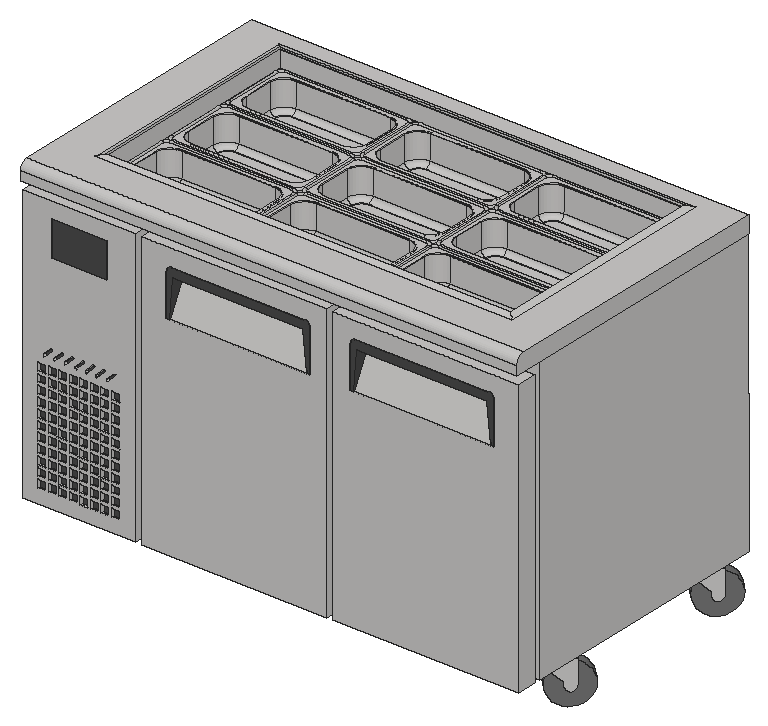
Revit family "QF_Turbo Air_JBT-48", category Specialty Equipment, Revit 2012
Parameters
  Weight in Pounds = 200
  Watermarked By = "http://revitwatermark.com"
  Volts = 115 V
  URL Cutsheet = ""
  URL = "www.turboairinc.com"
  Status [instance] = ""
  Specification by User [instance] = ""
  Specification by Manufacturer [instance] = ""
  Serial Number [instance] = ""
  Revision Code [instance] = ""
  Phase = 1
  Optional Sneeze Guard [instance] = no
  Number of Poles [instance] = 1
  NAFEM Spec ID Number [instance] = ""
  Model = "JBT-48"
  Masterspec [instance] = ""
  Manufacturer = "Turbo Air"  # constant formula
  Legs [instance] = [6 inch Legs]  # no
  Item Number [instance] = "-"
  Installed By [instance] = ""
  HP = "1/4"
  Furnished By [instance] = ""
  Foodservice Equipment Identifier = yes
  FL Amps = 6.6 A
  Electrical Remarks [instance] = ""
  Electric Connection Type [instance] = ""
  Elec Conn RI Height [instance] = 0' - 0"
  Elec Conn Connection Height = 1' - 0"
  Description = "Buffet Display Table"
  Cycle = 60 Hz
  Conn Plug = "NEMA 5-15P"
  Casters [instance] = not(Legs)  # yes
  CasterLeg Height [instance] = if([4 inch Casters], 0' 5", if([5 inch Casters], 0' 5 3/4", if([2_5 inch Casters], 0' 3 3/8", 0' 6")))  # 0' - 5"
  CSI MasterFormat = "11 41 13"
  Assembly Code = "E1090320"
  Apparent Power = if(Phase = 3, Volts * FL Amps * 1.73, Volts * FL Amps)  # 759 VA
  6 inch Legs [instance] = no
  5 inch Casters [instance] = no
  4 inch Casters [instance] = yes
  2_5 inch Casters [instance] = no
Reference planes (in)
  plane 1 "BACK": y = 0
  plane 2: z = 0
  plane 3 "LEFT": x = -20.72594
  plane 4 "Bottom": z = 5
  plane 5 "RIGHT": x = 26.52406
  plane 6 "Door Clearance": y = -43.375
  plane 7 "Back of Door": y = -25.4375
  plane 8 "Front of Box": y = -24.75
  plane 9 "Countertop Bottom": z = 32.125
  plane 10 "Top of Door": z = 31.25
  plane 11 "Front of Doors": y = -27.25
  plane 12 "Front of Ledge": y = -27.5
  plane 13 "Left of Door": x = 8.83656
  plane 14 "Right of Grill": x = -9.97594
  plane 15 "Countertop": z = 33.75
  plane 16 "Trim Left": x = -16.91344
  plane 17 "Opening Left": x = -16.35094
  plane 18 "Trim Right": x = 22.71156
  plane 19 "Opening Right": x = 22.14906
  plane 20 "Trim Back": y = -1.5
  plane 21 "Opening Back": y = -2.0625
  plane 22 "Trim Front": y = -23.375
  plane 23 "Opening Front": y = -22.8125
  plane 24: x = 8.27406
  plane 25: x = -9.41344
Forms (in)
  Extrusion 1, solid, material "QF_Finishes_Black"
    sketch origin (0, -24.75, 0) x (1, 0, 0) y (0, 0, 1)
      loop
        line (25.52406, 6) -> (25.52406, 30.25) -> (9.83656, 30.25) -> (9.83656, 6) -> (25.52406, 6)
      loop
        line (7.27406, 6) -> (7.27406, 30.25) -> (-8.41344, 30.25) -> (-8.41344, 6) -> (7.27406, 6)
    from 0 to 0.6875
  Extrusion 2, solid, material "QF_Finishes_Stainless Steel"
    sketch origin (0, 0, 0) x (1, 0, 0) y (0, 0, 1)
      loop
        circle (-15.35094, 11.125) r 0.25
    from 0 to -0.0625
  Extrusion 3, solid, material "QF_Finishes_Stainless Steel"
    sketch origin (0, -24.75, 0) x (1, 0, 0) y (0, 0, 1)
      loop
        line (-20.72594, 31.25) -> (-20.72594, 5) -> (-9.97594, 5) -> (-9.97594, 31.25) -> (-20.72594, 31.25)
      loop
        line (-11.47594, 7.125) -> (-12.22594, 7.125) -> (-12.22594, 6.375) -> (-11.47594, 6.375) -> (-11.47594, 7.125)
      loop
        line (-12.47594, 7.125) -> (-13.22594, 7.125) -> (-13.22594, 6.375) -> (-12.47594, 6.375) -> (-12.47594, 7.125)
      loop
        line (-13.47594, 7.125) -> (-14.22594, 7.125) -> (-14.22594, 6.375) -> (-13.47594, 6.375) -> (-13.47594, 7.125)
      loop
        line (-14.47594, 7.125) -> (-15.22594, 7.125) -> (-15.22594, 6.375) -> (-14.47594, 6.375) -> (-14.47594, 7.125)
      loop
        line (-15.47594, 7.125) -> (-16.22594, 7.125) -> (-16.22594, 6.375) -> (-15.47594, 6.375) -> (-15.47594, 7.125)
      loop
        line (-16.47594, 7.125) -> (-17.22594, 7.125) -> (-17.22594, 6.375) -> (-16.47594, 6.375) -> (-16.47594, 7.125)
      loop
        line (-17.47594, 7.125) -> (-18.22594, 7.125) -> (-18.22594, 6.375) -> (-17.47594, 6.375) -> (-17.47594, 7.125)
      loop
        line (-18.47594, 7.125) -> (-19.22594, 7.125) -> (-19.22594, 6.375) -> (-18.47594, 6.375) -> (-18.47594, 7.125)
      loop
        line (-11.47594, 8.125) -> (-12.22594, 8.125) -> (-12.22594, 7.375) -> (-11.47594, 7.375) -> (-11.47594, 8.125)
      loop
        line (-12.47594, 8.125) -> (-13.22594, 8.125) -> (-13.22594, 7.375) -> (-12.47594, 7.375) -> (-12.47594, 8.125)
      loop
        line (-13.47594, 8.125) -> (-14.22594, 8.125) -> (-14.22594, 7.375) -> (-13.47594, 7.375) -> (-13.47594, 8.125)
      loop
        line (-14.47594, 8.125) -> (-15.22594, 8.125) -> (-15.22594, 7.375) -> (-14.47594, 7.375) -> (-14.47594, 8.125)
      loop
        line (-15.47594, 8.125) -> (-16.22594, 8.125) -> (-16.22594, 7.375) -> (-15.47594, 7.375) -> (-15.47594, 8.125)
      loop
        line (-16.47594, 8.125) -> (-17.22594, 8.125) -> (-17.22594, 7.375) -> (-16.47594, 7.375) -> (-16.47594, 8.125)
      loop
        line (-17.47594, 8.125) -> (-18.22594, 8.125) -> (-18.22594, 7.375) -> (-17.47594, 7.375) -> (-17.47594, 8.125)
      loop
        line (-18.47594, 8.125) -> (-19.22594, 8.125) -> (-19.22594, 7.375) -> (-18.47594, 7.375) -> (-18.47594, 8.125)
      loop
        line (-11.47594, 9.125) -> (-12.22594, 9.125) -> (-12.22594, 8.375) -> (-11.47594, 8.375) -> (-11.47594, 9.125)
      loop
        line (-12.47594, 9.125) -> (-13.22594, 9.125) -> (-13.22594, 8.375) -> (-12.47594, 8.375) -> (-12.47594, 9.125)
      loop
        line (-13.47594, 9.125) -> (-14.22594, 9.125) -> (-14.22594, 8.375) -> (-13.47594, 8.375) -> (-13.47594, 9.125)
      loop
        line (-14.47594, 9.125) -> (-15.22594, 9.125) -> (-15.22594, 8.375) -> (-14.47594, 8.375) -> (-14.47594, 9.125)
      loop
        line (-15.47594, 9.125) -> (-16.22594, 9.125) -> (-16.22594, 8.375) -> (-15.47594, 8.375) -> (-15.47594, 9.125)
      loop
        line (-16.47594, 9.125) -> (-17.22594, 9.125) -> (-17.22594, 8.375) -> (-16.47594, 8.375) -> (-16.47594, 9.125)
      loop
        line (-17.47594, 9.125) -> (-18.22594, 9.125) -> (-18.22594, 8.375) -> (-17.47594, 8.375) -> (-17.47594, 9.125)
      loop
        line (-18.47594, 9.125) -> (-19.22594, 9.125) -> (-19.22594, 8.375) -> (-18.47594, 8.375) -> (-18.47594, 9.125)
      loop
        line (-11.47594, 10.125) -> (-12.22594, 10.125) -> (-12.22594, 9.375) -> (-11.47594, 9.375) -> (-11.47594, 10.125)
      loop
        line (-12.47594, 10.125) -> (-13.22594, 10.125) -> (-13.22594, 9.375) -> (-12.47594, 9.375) -> (-12.47594, 10.125)
      loop
        line (-13.47594, 10.125) -> (-14.22594, 10.125) -> (-14.22594, 9.375) -> (-13.47594, 9.375) -> (-13.47594, 10.125)
      loop
        line (-14.47594, 10.125) -> (-15.22594, 10.125) -> (-15.22594, 9.375) -> (-14.47594, 9.375) -> (-14.47594, 10.125)
      loop
        line (-15.47594, 10.125) -> (-16.22594, 10.125) -> (-16.22594, 9.375) -> (-15.47594, 9.375) -> (-15.47594, 10.125)
      loop
        line (-16.47594, 10.125) -> (-17.22594, 10.125) -> (-17.22594, 9.375) -> (-16.47594, 9.375) -> (-16.47594, 10.125)
      loop
        line (-17.47594, 10.125) -> (-18.22594, 10.125) -> (-18.22594, 9.375) -> (-17.47594, 9.375) -> (-17.47594, 10.125)
      loop
        line (-18.47594, 10.125) -> (-19.22594, 10.125) -> (-19.22594, 9.375) -> (-18.47594, 9.375) -> (-18.47594, 10.125)
      loop
        line (-11.47594, 11.125) -> (-12.22594, 11.125) -> (-12.22594, 10.375) -> (-11.47594, 10.375) -> (-11.47594, 11.125)
      loop
        line (-12.47594, 11.125) -> (-13.22594, 11.125) -> (-13.22594, 10.375) -> (-12.47594, 10.375) -> (-12.47594, 11.125)
      loop
        line (-13.47594, 11.125) -> (-14.22594, 11.125) -> (-14.22594, 10.375) -> (-13.47594, 10.375) -> (-13.47594, 11.125)
      loop
        line (-14.47594, 11.125) -> (-15.22594, 11.125) -> (-15.22594, 10.375) -> (-14.47594, 10.375) -> (-14.47594, 11.125)
      loop
        line (-15.47594, 11.125) -> (-16.22594, 11.125) -> (-16.22594, 10.375) -> (-15.47594, 10.375) -> (-15.47594, 11.125)
      loop
        line (-16.47594, 11.125) -> (-17.22594, 11.125) -> (-17.22594, 10.375) -> (-16.47594, 10.375) -> (-16.47594, 11.125)
      loop
        line (-17.47594, 11.125) -> (-18.22594, 11.125) -> (-18.22594, 10.375) -> (-17.47594, 10.375) -> (-17.47594, 11.125)
      loop
        line (-18.47594, 11.125) -> (-19.22594, 11.125) -> (-19.22594, 10.375) -> (-18.47594, 10.375) -> (-18.47594, 11.125)
      loop
        line (-11.47594, 12.125) -> (-12.22594, 12.125) -> (-12.22594, 11.375) -> (-11.47594, 11.375) -> (-11.47594, 12.125)
      loop
        line (-12.47594, 12.125) -> (-13.22594, 12.125) -> (-13.22594, 11.375) -> (-12.47594, 11.375) -> (-12.47594, 12.125)
      loop
        line (-13.47594, 12.125) -> (-14.22594, 12.125) -> (-14.22594, 11.375) -> (-13.47594, 11.375) -> (-13.47594, 12.125)
      loop
        line (-14.47594, 12.125) -> (-15.22594, 12.125) -> (-15.22594, 11.375) -> (-14.47594, 11.375) -> (-14.47594, 12.125)
      loop
        line (-15.47594, 12.125) -> (-16.22594, 12.125) -> (-16.22594, 11.375) -> (-15.47594, 11.375) -> (-15.47594, 12.125)
      loop
        line (-16.47594, 12.125) -> (-17.22594, 12.125) -> (-17.22594, 11.375) -> (-16.47594, 11.375) -> (-16.47594, 12.125)
      loop
        line (-17.47594, 12.125) -> (-18.22594, 12.125) -> (-18.22594, 11.375) -> (-17.47594, 11.375) -> (-17.47594, 12.125)
      loop
        line (-18.47594, 12.125) -> (-19.22594, 12.125) -> (-19.22594, 11.375) -> (-18.47594, 11.375) -> (-18.47594, 12.125)
      loop
        line (-11.47594, 13.125) -> (-12.22594, 13.125) -> (-12.22594, 12.375) -> (-11.47594, 12.375) -> (-11.47594, 13.125)
      loop
        line (-12.47594, 13.125) -> (-13.22594, 13.125) -> (-13.22594, 12.375) -> (-12.47594, 12.375) -> (-12.47594, 13.125)
      loop
        line (-13.47594, 13.125) -> (-14.22594, 13.125) -> (-14.22594, 12.375) -> (-13.47594, 12.375) -> (-13.47594, 13.125)
      loop
        line (-14.47594, 13.125) -> (-15.22594, 13.125) -> (-15.22594, 12.375) -> (-14.47594, 12.375) -> (-14.47594, 13.125)
      loop
        line (-15.47594, 13.125) -> (-16.22594, 13.125) -> (-16.22594, 12.375) -> (-15.47594, 12.375) -> (-15.47594, 13.125)
      loop
        line (-16.47594, 13.125) -> (-17.22594, 13.125) -> (-17.22594, 12.375) -> (-16.47594, 12.375) -> (-16.47594, 13.125)
      loop
        line (-17.47594, 13.125) -> (-18.22594, 13.125) -> (-18.22594, 12.375) -> (-17.47594, 12.375) -> (-17.47594, 13.125)
      loop
        line (-18.47594, 13.125) -> (-19.22594, 13.125) -> (-19.22594, 12.375) -> (-18.47594, 12.375) -> (-18.47594, 13.125)
      loop
        line (-11.47594, 14.125) -> (-12.22594, 14.125) -> (-12.22594, 13.375) -> (-11.47594, 13.375) -> (-11.47594, 14.125)
      loop
        line (-12.47594, 14.125) -> (-13.22594, 14.125) -> (-13.22594, 13.375) -> (-12.47594, 13.375) -> (-12.47594, 14.125)
      loop
        line (-13.47594, 14.125) -> (-14.22594, 14.125) -> (-14.22594, 13.375) -> (-13.47594, 13.375) -> (-13.47594, 14.125)
      loop
        line (-14.47594, 14.125) -> (-15.22594, 14.125) -> (-15.22594, 13.375) -> (-14.47594, 13.375) -> (-14.47594, 14.125)
      loop
        line (-15.47594, 14.125) -> (-16.22594, 14.125) -> (-16.22594, 13.375) -> (-15.47594, 13.375) -> (-15.47594, 14.125)
      loop
        line (-16.47594, 14.125) -> (-17.22594, 14.125) -> (-17.22594, 13.375) -> (-16.47594, 13.375) -> (-16.47594, 14.125)
      loop
        line (-17.47594, 14.125) -> (-18.22594, 14.125) -> (-18.22594, 13.375) -> (-17.47594, 13.375) -> (-17.47594, 14.125)
      loop
        line (-18.47594, 14.125) -> (-19.22594, 14.125) -> (-19.22594, 13.375) -> (-18.47594, 13.375) -> (-18.47594, 14.125)
      loop
        line (-11.47594, 15.125) -> (-12.22594, 15.125) -> (-12.22594, 14.375) -> (-11.47594, 14.375) -> (-11.47594, 15.125)
      loop
        line (-12.47594, 15.125) -> (-13.22594, 15.125) -> (-13.22594, 14.375) -> (-12.47594, 14.375) -> (-12.47594, 15.125)
      loop
        line (-13.47594, 15.125) -> (-14.22594, 15.125) -> (-14.22594, 14.375) -> (-13.47594, 14.375) -> (-13.47594, 15.125)
      loop
        line (-14.47594, 15.125) -> (-15.22594, 15.125) -> (-15.22594, 14.375) -> (-14.47594, 14.375) -> (-14.47594, 15.125)
      loop
        line (-15.47594, 15.125) -> (-16.22594, 15.125) -> (-16.22594, 14.375) -> (-15.47594, 14.375) -> (-15.47594, 15.125)
      loop
        line (-16.47594, 15.125) -> (-17.22594, 15.125) -> (-17.22594, 14.375) -> (-16.47594, 14.375) -> (-16.47594, 15.125)
      loop
        line (-17.47594, 15.125) -> (-18.22594, 15.125) -> (-18.22594, 14.375) -> (-17.47594, 14.375) -> (-17.47594, 15.125)
      loop
        line (-18.47594, 15.125) -> (-19.22594, 15.125) -> (-19.22594, 14.375) -> (-18.47594, 14.375) -> (-18.47594, 15.125)
      loop
        line (-11.47594, 16.125) -> (-12.22594, 16.125) -> (-12.22594, 15.375) -> (-11.47594, 15.375) -> (-11.47594, 16.125)
      loop
        line (-12.47594, 16.125) -> (-13.22594, 16.125) -> (-13.22594, 15.375) -> (-12.47594, 15.375) -> (-12.47594, 16.125)
      loop
        line (-13.47594, 16.125) -> (-14.22594, 16.125) -> (-14.22594, 15.375) -> (-13.47594, 15.375) -> (-13.47594, 16.125)
      loop
        line (-14.47594, 16.125) -> (-15.22594, 16.125) -> (-15.22594, 15.375) -> (-14.47594, 15.375) -> (-14.47594, 16.125)
      loop
        line (-15.47594, 16.125) -> (-16.22594, 16.125) -> (-16.22594, 15.375) -> (-15.47594, 15.375) -> (-15.47594, 16.125)
      loop
        line (-16.47594, 16.125) -> (-17.22594, 16.125) -> (-17.22594, 15.375) -> (-16.47594, 15.375) -> (-16.47594, 16.125)
      loop
        line (-17.47594, 16.125) -> (-18.22594, 16.125) -> (-18.22594, 15.375) -> (-17.47594, 15.375) -> (-17.47594, 16.125)
      loop
        line (-18.47594, 16.125) -> (-19.22594, 16.125) -> (-19.22594, 15.375) -> (-18.47594, 15.375) -> (-18.47594, 16.125)
      loop
        line (-11.47594, 17.125) -> (-12.22594, 17.125) -> (-12.22594, 16.375) -> (-11.47594, 16.375) -> (-11.47594, 17.125)
      loop
        line (-12.47594, 17.125) -> (-13.22594, 17.125) -> (-13.22594, 16.375) -> (-12.47594, 16.375) -> (-12.47594, 17.125)
      loop
        line (-13.47594, 17.125) -> (-14.22594, 17.125) -> (-14.22594, 16.375) -> (-13.47594, 16.375) -> (-13.47594, 17.125)
      loop
        line (-14.47594, 17.125) -> (-15.22594, 17.125) -> (-15.22594, 16.375) -> (-14.47594, 16.375) -> (-14.47594, 17.125)
      loop
        line (-15.47594, 17.125) -> (-16.22594, 17.125) -> (-16.22594, 16.375) -> (-15.47594, 16.375) -> (-15.47594, 17.125)
      loop
        line (-16.47594, 17.125) -> (-17.22594, 17.125) -> (-17.22594, 16.375) -> (-16.47594, 16.375) -> (-16.47594, 17.125)
      loop
        line (-17.47594, 17.125) -> (-18.22594, 17.125) -> (-18.22594, 16.375) -> (-17.47594, 16.375) -> (-17.47594, 17.125)
      loop
        line (-18.47594, 17.125) -> (-19.22594, 17.125) -> (-19.22594, 16.375) -> (-18.47594, 16.375) -> (-18.47594, 17.125)
      loop
        arc (-14.68933, 17.96339) -> (-14.68933, 17.78661) -> (-14.51255, 17.78661) r 0.125
        line (-14.51255, 17.78661) -> (-13.80544, 18.49372)
        arc (-13.80544, 18.49372) -> (-13.80544, 18.6705) -> (-13.98222, 18.6705) r 0.125
        line (-13.98222, 18.6705) -> (-14.68933, 17.96339)
      loop
        arc (-13.68933, 17.96339) -> (-13.68933, 17.78661) -> (-13.51255, 17.78661) r 0.125
        line (-13.51255, 17.78661) -> (-12.80544, 18.49372)
        arc (-12.80544, 18.49372) -> (-12.80544, 18.6705) -> (-12.98222, 18.6705) r 0.125
        line (-12.98222, 18.6705) -> (-13.68933, 17.96339)
      loop
        arc (-12.68933, 17.96339) -> (-12.68933, 17.78661) -> (-12.51255, 17.78661) r 0.125
        line (-12.51255, 17.78661) -> (-11.80544, 18.49372)
        arc (-11.80544, 18.49372) -> (-11.80544, 18.6705) -> (-11.98222, 18.6705) r 0.125
        line (-11.98222, 18.6705) -> (-12.68933, 17.96339)
      loop
        arc (-17.68933, 17.96339) -> (-17.68933, 17.78661) -> (-17.51255, 17.78661) r 0.125
        line (-17.51255, 17.78661) -> (-16.80544, 18.49372)
        arc (-16.80544, 18.49372) -> (-16.80544, 18.6705) -> (-16.98222, 18.6705) r 0.125
        line (-16.98222, 18.6705) -> (-17.68933, 17.96339)
      loop
        arc (-16.68933, 17.96339) -> (-16.68933, 17.78661) -> (-16.51255, 17.78661) r 0.125
        line (-16.51255, 17.78661) -> (-15.80544, 18.49372)
        arc (-15.80544, 18.49372) -> (-15.80544, 18.6705) -> (-15.98222, 18.6705) r 0.125
        line (-15.98222, 18.6705) -> (-16.68933, 17.96339)
      loop
        arc (-15.68933, 17.96339) -> (-15.68933, 17.78661) -> (-15.51255, 17.78661) r 0.125
        line (-15.51255, 17.78661) -> (-14.80544, 18.49372)
        arc (-14.80544, 18.49372) -> (-14.80544, 18.6705) -> (-14.98222, 18.6705) r 0.125
        line (-14.98222, 18.6705) -> (-15.68933, 17.96339)
      loop
        arc (-18.68933, 17.96339) -> (-18.68933, 17.78661) -> (-18.51255, 17.78661) r 0.125
        line (-18.51255, 17.78661) -> (-17.80544, 18.49372)
        arc (-17.80544, 18.49372) -> (-17.80544, 18.6705) -> (-17.98222, 18.6705) r 0.125
        line (-17.98222, 18.6705) -> (-18.68933, 17.96339)
      loop
        line (-12.72594, 29.75) -> (-17.97594, 29.75) -> (-17.97594, 26.375) -> (-12.72594, 26.375) -> (-12.72594, 29.75)
    from 0 to 2.5
  Extrusion 4, solid, material "QF_Finishes_Black"
    sketch origin (0, -24.75, 0) x (1, 0, 0) y (0, 0, 1)
      loop
        line (-19.72594, 5.875) -> (-10.97594, 5.875) -> (-10.97594, 19.125) -> (-19.72594, 19.125) -> (-19.72594, 5.875)
    from 0 to 2.25
  Extrusion 5, solid, material "QF_Finishes_Black"
    sketch origin (0, -24.75, 0) x (1, 0, 0) y (0, 0, 1)
      loop
        line (-17.97594, 29.75) -> (-17.97594, 26.375) -> (-12.72594, 26.375) -> (-12.72594, 29.75) -> (-17.97594, 29.75)
    from 0 to 2.5
  Extrusion 6, solid, material "QF_Finishes_Stainless Steel"
    sketch origin (-20.72594, 0, 0) x (0, 1, 0) y (0, 0, 1)
      loop
        line (0, 33.75) -> (-26.6875, 33.75)
        arc (-26.6875, 33.75) -> (-27.26202, 33.51202) -> (-27.5, 32.9375) r 0.8125
        line (-27.5, 32.9375) -> (-27.5, 32.125) -> (0, 32.125) -> (0, 33.75)
    from 0 to 47.25
  Blend 7, solid, material "QF_Finishes_Polished Steel"
    base sketch origin (0, 0, 33.75) x (0, 1, 0) y (-1, 0, 0)
      loop
        line (-1.5, 16.91344) -> (-23.375, 16.91344) -> (-23.375, -22.71156) -> (-1.5, -22.71156) -> (-1.5, 16.91344)
    top sketch origin (0, 0, 33.75) x (0, 1, 0) y (-1, 0, 0)
      loop
        line (-2.0625, 16.35094) -> (-22.8125, 16.35094) -> (-22.8125, -22.14906) -> (-2.0625, -22.14906) -> (-2.0625, 16.35094)
    from 0 to 0.1875
  Extrusion 8, void
    sketch origin (0, 0, 5) x (0, 1, 0) y (-1, 0, 0)
      loop
        line (-2.0625, 16.35094) -> (-22.8125, 16.35094) -> (-22.8125, -22.14906) -> (-2.0625, -22.14906) -> (-2.0625, 16.35094)
    from 0.1875 to 28.9375
  Extrusion 9, solid, material "QF_Finishes_Stainless Steel"
    sketch origin (0, 0, 5) x (0, 1, 0) y (-1, 0, 0)
      loop
        line (0, 20.72594) -> (-24.75, 20.72594) -> (-24.75, -26.52406) -> (0, -26.52406) -> (0, 20.72594)
      loop
        line (-2.0625, 16.35094) -> (-22.8125, 16.35094) -> (-22.8125, -22.14906) -> (-2.0625, -22.14906) -> (-2.0625, 16.35094)
    from 0 to 27.125
  Extrusion 10, solid, material "QF_Finishes_Stainless Steel"
    sketch origin (0, 0, 5) x (0, 1, 0) y (-1, 0, 0)
      loop
        line (-2.0625, 16.35094) -> (-22.8125, 16.35094) -> (-22.8125, -22.14906) -> (-2.0625, -22.14906) -> (-2.0625, 16.35094)
    from 0 to 21.125
Cuts and joins
  Extrusion 8 cuts Extrusion 6
  Extrusion 8 cuts Blend 7
Lines and regions (in)
  symbolic lines
    curve 1: line (-20.72594, 0, 32.125) -> (26.52406, 0, 32.125)
    curve 2: line (-20.72594, -27.5, 32.125) -> (-20.72594, 0, 32.125)
    curve 3: line (26.52406, -27.5, 32.125) -> (-20.72594, -27.5, 32.125)
    curve 4: line (26.52406, 0, 32.125) -> (26.52406, -27.5, 32.125)
    curve 7: line (-16.91344, -1.5, 32.125) -> (22.71156, -1.5, 32.125)
    curve 8: line (-16.91344, -23.375, 32.125) -> (-16.91344, -1.5, 32.125)
    curve 9: line (22.71156, -23.375, 32.125) -> (-16.91344, -23.375, 32.125)
    curve 10: line (22.71156, -1.5, 32.125) -> (22.71156, -23.375, 32.125)
    curve 11: line (-16.35094, -2.0625, 32.125) -> (22.14906, -2.0625, 32.125)
    curve 12: line (-16.35094, -22.8125, 32.125) -> (-16.35094, -2.0625, 32.125)
    curve 13: line (22.14906, -22.8125, 32.125) -> (-16.35094, -22.8125, 32.125)
    curve 14: line (22.14906, -2.0625, 32.125) -> (22.14906, -22.8125, 32.125)
  symbolic lines, style "QF_Clearances", detail levels coarse
    curve 5: line (26.52406, -27.5, 32.125) -> (26.52406, -43.375, 32.125)
    curve 6: arc (26.52406, -43.375, 32.125) -> (14.67524, -38.81964, 32.125) -> (8.92967, -27.5, 32.125) r 17.6875
    curve 15: line (-9.41344, -27.5, 32.125) -> (-9.41344, -43.375, 32.125)
    curve 16: arc (-9.41344, -43.375, 32.125) -> (2.43538, -38.81964, 32.125) -> (8.18095, -27.5, 32.125) r 17.6875
Dimensions and locks (in)
  "CasterLeg Height": plane 4 "Bottom" to plane 2
  locked: plane 5 "RIGHT" to plane 3 "LEFT" at 47.25
  locked: plane 6 "Door Clearance" to plane 1 "BACK" at 43.375
  plane 9 "Countertop Bottom" to plane 4 "Bottom" = 2' - 3 1/8"
  locked: Extrusion 1 sketch curve to plane 5 "RIGHT" at 1
  locked: nested 1 to plane 1 "BACK" at 2.5625
  locked: plane 3 "LEFT" to nested 1 at 2.5
  locked: plane 3 "LEFT" to nested 2 at 2.5
  locked: plane 8 "Front of Box" to nested 2 at 4.625
  locked: nested 3 to plane 5 "RIGHT" at 2.5
  locked: nested 4 to plane 5 "RIGHT" at 2.5
  locked: plane 8 "Front of Box" to nested 4 at 4.625
  locked: nested 3 to plane 1 "BACK" at 2.5625
  locked: Extrusion 2 sketch curve to plane 4 "Bottom" at 6.125
  locked: Extrusion 1 sketch curve to plane 4 "Bottom" at 1  (x2)
  locked: plane 10 "Top of Door" to Extrusion 1 sketch curve at 1  (x2)
  locked: plane 12 "Front of Ledge" to plane 11 "Front of Doors" at 0.25
  locked: plane 9 "Countertop Bottom" to plane 10 "Top of Door" at 0.875
  plane 13 "Left of Door" to plane 5 "RIGHT" = 1' - 5 11/16"
  locked: plane 3 "LEFT" to plane 14 "Right of Grill" at 10.75
  locked: Extrusion 1 sketch curve to plane 13 "Left of Door" at 1
  locked: plane 3 "LEFT" to Extrusion 4 sketch curve at 1
  locked: plane 14 "Right of Grill" to Extrusion 4 sketch curve at 1
  locked: Extrusion 4 sketch curve to plane 4 "Bottom" at 0.875
  locked: Extrusion 4 sketch curve to Extrusion 4 sketch curve at 13.25
  locked: Extrusion 2 sketch curve to plane 3 "LEFT" at 5.375
  locked: plane 11 "Front of Doors" to plane 8 "Front of Box" at 2.5
  locked: plane 7 "Back of Door" to plane 8 "Front of Box" at 0.6875
  locked: plane 12 "Front of Ledge" to plane 1 "BACK" at 27.5
  locked: plane 3 "LEFT" to plane 16 "Trim Left" at 3.8125
  locked: plane 16 "Trim Left" to plane 17 "Opening Left" at 0.5625
  locked: plane 18 "Trim Right" to plane 5 "RIGHT" at 3.8125
  locked: plane 19 "Opening Right" to plane 18 "Trim Right" at 0.5625
  locked: plane 20 "Trim Back" to plane 1 "BACK" at 1.5
  locked: plane 21 "Opening Back" to plane 20 "Trim Back" at 0.5625
  locked: plane 22 "Trim Front" to plane 23 "Opening Front" at 0.5625
  locked: plane 22 "Trim Front" to plane 20 "Trim Back" at 21.875
  locked: plane 25 to plane 24 at 17.6875
  locked: plane 24 to plane 13 "Left of Door" at 0.5625
  locked: Extrusion 1 sketch curve to plane 25 at 1
  locked: Extrusion 1 sketch curve to plane 24 at 1
  locked: plane 15 "Countertop" to plane 9 "Countertop Bottom" at 1.625
  aligned and locked: level to plane 2
  aligned and locked: plane 7 "Back of Door" to Extrusion 1
  aligned and locked: plane 1 "BACK" to curve 1
  aligned and locked: plane 3 "LEFT" to curve 2
  aligned and locked: plane 4 "Bottom" to nested 5
  aligned and locked: plane 13 "Left of Door" to nested 5
  aligned and locked: Extrusion 3 sketch curve to plane 10 "Top of Door"
  aligned and locked: plane 3 "LEFT" to Extrusion 3 sketch curve
  aligned and locked: plane 4 "Bottom" to Extrusion 3 sketch curve
  aligned and locked: plane 14 "Right of Grill" to Extrusion 3 sketch curve
  aligned and locked: plane 11 "Front of Doors" to Extrusion 3
  aligned and locked: plane 11 "Front of Doors" to Extrusion 5
  aligned and locked: plane 5 "RIGHT" to nested 5
  aligned and locked: curve 3 to plane 12 "Front of Ledge"
  aligned and locked: Extrusion 6 sketch curve to plane 15 "Countertop"
  aligned and locked: plane 1 "BACK" to Extrusion 6 sketch curve
  aligned and locked: plane 9 "Countertop Bottom" to Extrusion 6 sketch curve
  aligned and locked: Extrusion 6 sketch curve to plane 12 "Front of Ledge"
  aligned and locked: plane 5 "RIGHT" to Extrusion 6
  aligned and locked: plane 20 "Trim Back" to Blend 7 sketch curve
  aligned and locked: Blend 7 sketch curve to plane 22 "Trim Front"
  aligned and locked: Blend 7 sketch curve to plane 18 "Trim Right"
  aligned and locked: plane 16 "Trim Left" to Blend 7 sketch curve
  aligned and locked: plane 21 "Opening Back" to Blend 7 sketch curve
  aligned and locked: plane 17 "Opening Left" to Blend 7 sketch curve
  aligned and locked: Blend 7 sketch curve to plane 23 "Opening Front"
  aligned and locked: Blend 7 sketch curve to plane 19 "Opening Right"
  aligned and locked: plane 21 "Opening Back" to Extrusion 8 sketch curve
  aligned and locked: plane 17 "Opening Left" to Extrusion 8 sketch curve
  aligned and locked: Extrusion 8 sketch curve to plane 23 "Opening Front"
  aligned and locked: Extrusion 8 sketch curve to plane 19 "Opening Right"
  aligned and locked: plane 1 "BACK" to Extrusion 9 sketch curve
  aligned and locked: Extrusion 9 sketch curve to plane 5 "RIGHT"
  aligned and locked: plane 3 "LEFT" to Extrusion 9 sketch curve
  aligned and locked: Extrusion 9 sketch curve to plane 8 "Front of Box"
  aligned and locked: plane 17 "Opening Left" to Extrusion 9 sketch curve
  aligned and locked: plane 21 "Opening Back" to Extrusion 9 sketch curve
  aligned and locked: Extrusion 9 sketch curve to plane 19 "Opening Right"
  aligned and locked: Extrusion 9 sketch curve to plane 23 "Opening Front"
  aligned and locked: plane 9 "Countertop Bottom" to Extrusion 9
  aligned and locked: plane 21 "Opening Back" to Extrusion 10 sketch curve
  aligned and locked: Extrusion 10 sketch curve to plane 19 "Opening Right"
  aligned and locked: Extrusion 10 sketch curve to plane 23 "Opening Front"
  aligned and locked: plane 17 "Opening Left" to Extrusion 10 sketch curve
  aligned and locked: plane 20 "Trim Back" to curve 7
  aligned and locked: plane 21 "Opening Back" to curve 11
  aligned and locked: plane 16 "Trim Left" to curve 8
  aligned and locked: plane 17 "Opening Left" to curve 12
  aligned and locked: curve 10 to plane 18 "Trim Right"
  aligned and locked: curve 14 to plane 19 "Opening Right"
  aligned and locked: curve 9 to plane 22 "Trim Front"
  aligned and locked: curve 13 to plane 23 "Opening Front"
  aligned and locked: nested 12 to plane 4 "Bottom"
  aligned and locked: nested 6 to plane 9 "Countertop Bottom"
  aligned and locked: nested 7 to plane 9 "Countertop Bottom"
  aligned and locked: nested 13 to plane 9 "Countertop Bottom"
  aligned and locked: nested 8 to plane 9 "Countertop Bottom"
  aligned and locked: nested 9 to plane 9 "Countertop Bottom"
  aligned and locked: nested 14 to plane 9 "Countertop Bottom"
  aligned and locked: nested 10 to plane 9 "Countertop Bottom"
  aligned and locked: nested 11 to plane 9 "Countertop Bottom"
  aligned and locked: nested 15 to plane 9 "Countertop Bottom"
Automatic sketch dimensions
  Extrusion 3 sketch curve to Extrusion 3 sketch curve = 0' - 0"  (x162)
  Extrusion 3 sketch curve to Extrusion 3 sketch curve = 0' - 0.08839"  (x42)
  Extrusion 3 sketch curve to Extrusion 3 sketch curve = 0' - 0 1/4"  (x127)
  Extrusion 3 sketch curve to Extrusion 3 sketch curve = 0' - 0.82322"  (x6)
  Extrusion 3 sketch curve to Extrusion 3 sketch curve = 0' - 0.11612"  (x6)
  Extrusion 3 sketch curve to Extrusion 3 sketch curve = 0' - 0 3/4"  (x54)
  Extrusion 3 sketch curve to Extrusion 3 sketch curve = 0' - 0.03661"  (x6)
  Extrusion 3 sketch curve to plane 14 "Right of Grill" = 0' - 2 3/4"
  plane 4 "Bottom" to Extrusion 3 sketch curve = 0' - 1 3/8"  (x2)
  Extrusion 3 sketch curve to Extrusion 3 sketch curve = 0' - 0.66161"  (x7)
  Extrusion 3 sketch curve to Extrusion 3 sketch curve = 0' - 0.53033"  (x6)
  Extrusion 3 sketch curve to Extrusion 3 sketch curve = 0' - 0.70711"  (x2)
  Extrusion 3 sketch curve to plane 10 "Top of Door" = 0' - 4 7/8"
  Extrusion 3 sketch curve to plane 10 "Top of Door" = 0' - 1 1/2"
  Extrusion 5 sketch curve to plane 14 "Right of Grill" = 0' - 2 3/4"
  Extrusion 5 sketch curve to plane 10 "Top of Door" = 0' - 4 7/8"
  Extrusion 5 sketch curve to plane 10 "Top of Door" = 0' - 1 1/2"
  plane 3 "LEFT" to Extrusion 3 sketch curve = 0' - 1 1/2"
  Extrusion 3 sketch curve to Extrusion 3 sketch curve = 0' - 0.53661"
  plane 3 "LEFT" to Extrusion 3 sketch curve = 0' - 2 3/4"
  plane 3 "LEFT" to Extrusion 5 sketch curve = 0' - 2 3/4"
  curve 6 to plane 5 "RIGHT" = 0' - 0"
  plane 6 "Door Clearance" to curve 6 = 0' - 0"
  plane 6 "Door Clearance" to curve 16 = 0' - 0"
  plane 7 "Back of Door" to curve 16 = 0' - 0 1/4"
  plane 7 "Back of Door" to curve 6 = 0' - 0 1/4"
  curve 16 to plane 13 "Left of Door" = 0' - 0.65561"
  Extrusion 6 sketch curve to plane 11 "Front of Doors" = 0' - 0 9/16"
  radius of Extrusion 2 sketch curve = 0' - 0 1/4"
Nested families (in)
  nested 1: "FESCasterLeg" at (-18.22594, -2.5625, 0), Height <- "CasterLeg Height", Legs <- "Legs", Casters <- "Casters", type "FESCasterLeg"
    with Legs no, Height 0' - 5", Casters yes, Caster Radius 0' - 2"
  nested 2: "FESCasterLeg" at (-18.22594, -20.125, 0), Height <- "CasterLeg Height", Legs <- "Legs", Casters <- "Casters", type "FESCasterLeg"
    with Legs no, Height 0' - 5", Casters yes, Caster Radius 0' - 2"
  nested 3: "FESCasterLeg" at (24.02406, -2.5625, 0), Height <- "CasterLeg Height", Legs <- "Legs", Casters <- "Casters", type "FESCasterLeg"
    with Legs no, Height 0' - 5", Casters yes, Caster Radius 0' - 2"
  nested 4: "FESCasterLeg" at (24.02406, -20.125, 0), Height <- "CasterLeg Height", Legs <- "Legs", Casters <- "Casters", type "FESCasterLeg"
    with Legs no, Height 0' - 5", Casters yes, Caster Radius 0' - 2"
  nested 5: "QF_Turbo Air_TBL_Door-1" at (11.34739, -25.4375, 5) x (-1, 0, 0) z (0, 0, 1), type "QF_Turbo Air_TBL_Door-1"
    with Width 1' - 5 11/16", Symbolic Lines no, Height 2' - 2 1/4", Handle Width 1' - 1 11/16", Depth 0' - 1 13/16"
  nested 6: "QF_Turbo Air_Pan" at (-1.83158, -2.1875, 32.125), type "QF_Turbo Air_Pan"
    with Width 1' - 0 3/4", Pan Depth 0' - 3", Depth 0' - 6 13/16"
  nested 7: "QF_Turbo Air_Pan" at (10.91842, -2.1875, 32.125), type "QF_Turbo Air_Pan"
    with Width 1' - 0 3/4", Pan Depth 0' - 3", Depth 0' - 6 13/16"
  nested 8: "QF_Turbo Air_Pan" at (-1.83158, -9, 32.125), type "QF_Turbo Air_Pan"
    with Width 1' - 0 3/4", Pan Depth 0' - 3", Depth 0' - 6 13/16"
  nested 9: "QF_Turbo Air_Pan" at (10.91842, -9, 32.125), type "QF_Turbo Air_Pan"
    with Width 1' - 0 3/4", Pan Depth 0' - 3", Depth 0' - 6 13/16"
  nested 10: "QF_Turbo Air_Pan" at (-1.83158, -15.8125, 32.125), type "QF_Turbo Air_Pan"
    with Width 1' - 0 3/4", Pan Depth 0' - 3", Depth 0' - 6 13/16"
  nested 11: "QF_Turbo Air_Pan" at (10.91842, -15.8125, 32.125), type "QF_Turbo Air_Pan"
    with Width 1' - 0 3/4", Pan Depth 0' - 3", Depth 0' - 6 13/16"
  nested 12: "QF_Turbo Air_TBL_Door-1" at (5.76323, -25.4375, 5), type "QF_Turbo Air_TBL_Door-1"
    with Width 1' - 5 11/16", Symbolic Lines no, Height 2' - 2 1/4", Handle Width 1' - 1 11/16", Depth 0' - 1 13/16"
  nested 13: "QF_Turbo Air_Pan" at (23.66842, -2.1875, 32.125), type "QF_Turbo Air_Pan"
    with Width 1' - 0 3/4", Pan Depth 0' - 3", Depth 0' - 6 13/16"
  nested 14: "QF_Turbo Air_Pan" at (23.66842, -9, 32.125), type "QF_Turbo Air_Pan"
    with Width 1' - 0 3/4", Pan Depth 0' - 3", Depth 0' - 6 13/16"
  nested 15: "QF_Turbo Air_Pan" at (23.66842, -15.8125, 32.125), type "QF_Turbo Air_Pan"
    with Width 1' - 0 3/4", Pan Depth 0' - 3", Depth 0' - 6 13/16"
  nested 16: "QF_Turbo Air_SNZ_cat" at (23.88575, -12.5625, 33.75), visible <- "Optional Sneeze Guard", type "SNZ-48"
    with Status "", Specification by User "", Specification by Manufacturer "", Serial Number "", Revision Code "", NAFEM Spec ID Number "", Masterspec "", Item Number "-", Installed By "", Furnished By "", Width 3' - 11 1/4", Weight in Pounds 13.5
Connectors (in)
  electrical at (-15.35094, 0.0625, 11.125), driven by "Number of Poles", driven by "Volts", driven by "Apparent Power"
    settings: on Extrusion 2, index 1, voltage 115 V, apparent load 759 VA, apparent load phase1 0 VA, apparent load phase2 0 VA, apparent load phase3 0 VA, power factor 1, load classification "Other", number of poles 1, system type 30, power factor state 1, is connector primary yes, connector utility no, sub classification motor no, connector description ""
Definition of nested family "FESCasterLeg"
  Parameters (values of type "FESCasterLeg")
    Watermarked By = "http://revitwatermark.com"
    Type Comments = "⍁⍉⌁⌀⏭⎽⌇⍠⌜⍉⎖⌥⌦⌯⍭⏊⍻⍿⍊⏵⍊⏗⏠⍴⎡⌈⎀⍠⌓⌤⏘⎐⍀⌐⏬⏁⎈⏍⏦⎒⏬⌝⍩⍇⌣〈⎫〉⎁⏊⍥⍖⍥⍝⍦⌖⍀⏌⏭⎝⎼⏷⏞⍻⏯⎽⏷⏞⍻⏯⎽⏷⎺⌻⎝⍎⌧⏷⏟⏿⌿⍜⍦⍤⌁⍬⏶⏎⍊⏚⏉⎞⌡⎀⎪⏈⌟⌿⍾⍼⌟⌿⌢⌞⏜⏝⎽⍷⍷⍯⍧⍷⌯⍽⏸⏨⏾⏎⌣⏺⍹⏼⏅⎏⌽⎫⎪⍙⎓⏗⎗⏅⌴⍏⍏⍿⏑⎺⍘⌭⏲⍥⎛⎾⎾⍞⍌⎪⎲⌙⎥⏏⎟⎟⏼⏘⎏⎝⏧⏍⏁⍏⍧⏯⏾⌟"
    Legs [instance] = yes
    Height [instance] = 0' - 6"
    Caster Radius [instance] = if(Height < 0' 3", 0' 1", (Height / 2) - 0' 0 1/2")  # 0' - 2 1/2"
    Casters [instance] = yes
    Assembly Code = ""
  Reference planes (in)
    plane 1 "Center (Front/Back)": y = 0
    plane 2: z = 0
    plane 3 "Center (Left/Right)": x = 0
    plane 4: z = 6
    plane 5: z = 5.5
  Forms (in)
    Extrusion 1, solid, material "QF_Finishes_Stainless Steel", visible <- "Casters"
      sketch origin (-24.12131, -22.88887, 10.18833) x (0.707107, 0.707107, 0) y (0, 0, 1)
        loop
          line (34.98772, -7.68833) -> (34.98772, -4.93833) -> (34.48772, -4.93833) -> (34.39402, -4.68833) -> (32.39402, -4.68833) -> (32.39402, -5.43833) -> (33.98772, -7.34206) -> (33.98772, -7.68833)
          arc (33.98772, -7.68833) -> (34.48772, -8.18833) -> (34.98772, -7.68833) r 0.5
      from 0 to 1.75
    Extrusion 2, solid, material "QF_Finishes_Rubber Black", visible <- "Casters"
      sketch origin (-24.32327, -23.09083, 13.31461) x (0.707107, 0.707107, 0) y (0, 0, 1)
        loop
          circle (34.77334, -10.81461) r 2.5
      from 0.375 to 1.375
    Extrusion 3, solid, material "QF_Finishes_Stainless Steel", visible <- "Casters"
      sketch origin (-7.24148, -8.48391, 0) x (0.707107, 0.707107, 0) y (0, 0, 1)
        loop
          line (10.61603, 5.5) -> (11.61603, 5.5) -> (11.61603, 6) -> (10.61603, 6) -> (10.61603, 5.5)
      from 0 to -1.75
    Blend 4, solid, material "QF_Finishes_Stainless Steel", visible <- "Legs"
      base sketch origin (0, 0, 0) x (1, 0, 0) y (0, 1, 0)
        loop
          circle (0, 0) r 0.5
      top sketch origin (0, 0, 0) x (1, 0, 0) y (0, 1, 0)
        loop
          circle (0, 0) r 1
      from 0 to 6 <- "Height"
  Lines and regions (in)
    symbolic lines, style "QF_Hidden Details", visible <- "Casters", built-in parameter 1006206 <- "Casters"
      curve 1: line (-1.26158, -0.51911, 0) -> (1.39007, 2.13254, 0)
      curve 2: line (-0.53429, -1.24639, 0) -> (2.11736, 1.40526, 0)
    symbolic lines, style "QF_Hidden Details", built-in parameter 1006206 <- "Casters", visible <- "Casters"
      curve 3: line (-1.26158, -0.51911, 0) -> (1.39007, 2.13254, 0)
      curve 4: line (-0.53429, -1.24639, 0) -> (2.11736, 1.40526, 0)
  Dimensions and locks (in)
    locked: plane 4 to plane 5 at 0.5
    "Height": plane 4 to level
    "Caster Radius": Extrusion 2 sketch curve to level
    "Caster Radius": Extrusion 1 sketch curve to level
    "Caster Radius": radius of Extrusion 2 sketch curve
    aligned and locked: plane 2 to level
    aligned: Blend 4 to Extrusion 3
    aligned and locked: plane 4 to Blend 4
    aligned and locked: Extrusion 3 to plane 5
    aligned and locked: plane 4 to Extrusion 3
    aligned and locked: plane 5 to Extrusion 1
  Automatic sketch dimensions
    plane 1 "Center (Front/Back)" to curve 3 = 0' - 0.51911"
    curve 3 to plane 3 "Center (Left/Right)" = 0' - 1.26158"
    plane 1 "Center (Front/Back)" to curve 1 = 0' - 0.51911"
    curve 1 to curve 3 = 0' - 0"  (x3)
    curve 4 to plane 3 "Center (Left/Right)" = 0' - 0.53429"
    curve 2 to curve 4 = 0' - 0"  (x2)
    plane 3 "Center (Left/Right)" to curve 3 = 0' - 1.39007"
    curve 1 to curve 4 = 0' - 0.72729"
    curve 2 to curve 1 = 0' - 0.72729"
    curve 4 to curve 2 = 0' - 0"  (x2)
    curve 2 to plane 1 "Center (Front/Back)" = 0' - 1.40526"
    curve 2 to curve 3 = 0' - 0.72729"
    plane 5 to Extrusion 1 sketch curve = 0' - 0"
    Extrusion 1 sketch curve to Extrusion 1 sketch curve = 0' - 1.5937"
    Extrusion 1 sketch curve to Extrusion 1 sketch curve = 0' - 2"
    Extrusion 1 sketch curve to Extrusion 1 sketch curve = 0' - 0.0937"
    Extrusion 1 sketch curve to Extrusion 1 sketch curve = 0' - 0 1/2"
    Extrusion 1 sketch curve to Extrusion 1 sketch curve = 0' - 0.34627"
    Extrusion 1 sketch curve to plane 5 = 0' - 0 3/4"
    Extrusion 1 sketch curve to plane 5 = 0' - 0 1/4"
    Extrusion 3 sketch curve to plane 5 = 0' - 0"
    plane 4 to Extrusion 3 sketch curve = 0' - 0"
    Extrusion 3 sketch curve to Extrusion 3 sketch curve = 0' - 1"
    plane 1 "Center (Front/Back)" to Blend 4 sketch curve = 0' - 0"  (x2)
    Blend 4 sketch curve to plane 3 "Center (Left/Right)" = 0' - 0"  (x2)
    radius of Blend 4 sketch curve = 0' - 0 1/2"
    radius of Blend 4 sketch curve = 0' - 1"
Definition of nested family "QF_Turbo Air_TBL_Door-1"
  Parameters (values of type "QF_Turbo Air_TBL_Door-1")
    Width [instance] = 2' - 5 5/16"
    Watermarked By = "http://revitwatermark.com"
    Symbolic Lines [instance] = yes
    Manufacturer = "Turbo Air"  # constant formula
    Height [instance] = 2' - 3 7/16"
    Handle Width [instance] = 1' - 5 5/8"
    Depth [instance] = 0' - 1 13/16"
  Reference planes (in)
    plane 1 "BACK": y = 0
    plane 2: z = 0
    plane 3 "LEFT": x = -15.17667
    plane 4: x = 14.13583
    plane 5 "FRONT": y = -1.8125
    plane 6: z = 27.4375
    plane 7 "Right of Handle": x = 12.51083
    plane 8 "Left of Handle": x = -5.11417
  Forms (in)
    Extrusion 1, solid, material "QF_Finishes_Black"
      sketch origin (-31.11417, 0, 15.01083) x (0, 0, -1) y (1, 0, 0)
        loop
          arc (-10.23917, 43.625) -> (-10.63691, 43.46025) -> (-10.80167, 43.0625) r 0.5625
          line (-10.80167, 43.0625) -> (-10.80167, 26.5625)
          arc (-10.80167, 26.5625) -> (-10.63691, 26.16475) -> (-10.23917, 26) r 0.5625
          line (-10.23917, 26) -> (-6.30167, 26) -> (-6.30167, 26.34375) -> (-9.98917, 26.66636) -> (-9.98917, 42.95864) -> (-6.30167, 43.28125) -> (-6.30167, 43.625) -> (-10.23917, 43.625)
      from 0 to 1.8125
    Extrusion 2, solid, material "QF_Finishes_Stainless Steel"
      sketch origin (-5.14542, 0, 15.01083) x (0, 1, 0) y (0, 0, 1)
        loop
          line (-1.8125, 6.30167) -> (0, 6.30167) -> (0, 9.98917) -> (-0.47036, 9.98917) -> (-1.8125, 6.30167)
      from 0.375 to 17.3125
    Extrusion 3, solid, material "QF_Finishes_Stainless Steel"
      sketch origin (0, 0, 0) x (1, 0, 0) y (0, 0, 1)
        loop
          line (-15.17667, 27.4375) -> (-15.17667, 0) -> (14.13583, 0) -> (14.13583, 27.4375) -> (-15.17667, 27.4375)
        loop
          arc (-4.55167, 25.8125) -> (-4.94941, 25.64775) -> (-5.11417, 25.25) r 0.5625
          line (-5.11417, 25.25) -> (-5.11417, 21.3125) -> (12.51083, 21.3125) -> (12.51083, 25.25)
          arc (12.51083, 25.25) -> (12.34608, 25.64775) -> (11.94833, 25.8125) r 0.5625
          line (11.94833, 25.8125) -> (-4.55167, 25.8125)
      from 0 to 1.8125
  Lines and regions (in)
    symbolic lines, visible <- "Symbolic Lines"
      curve 1: line (-15.17667, 0, 25.96875) -> (14.13583, 0, 25.96875)
      curve 2: line (-15.17667, -1.8125, 25.96875) -> (-15.17667, 0, 25.96875)
      curve 3: line (14.13583, -1.8125, 25.96875) -> (-15.17667, -1.8125, 25.96875)
      curve 4: line (14.13583, 0, 25.96875) -> (14.13583, -1.8125, 25.96875)
  Dimensions and locks (in)
    "Width": plane 4 to plane 3 "LEFT"
    "Depth": plane 5 "FRONT" to plane 1 "BACK"
    "Height": plane 6 to plane 2
    locked: Extrusion 3 sketch curve to Extrusion 3 sketch curve at 4.5
    locked: plane 6 to Extrusion 3 sketch curve at 1.625
    locked: plane 6 to Extrusion 1 sketch curve at 1.625
    locked: Extrusion 1 sketch curve to Extrusion 1 sketch curve at 0.8125
    locked: Extrusion 1 sketch curve to Extrusion 1 sketch curve at 4.5  (x2)
    locked: plane 6 to Extrusion 2 sketch curve at 2.4375
    locked: Extrusion 2 sketch curve to Extrusion 2 sketch curve at 3.6875
    locked: Extrusion 2 sketch curve to plane 5 "FRONT" at 1.34214
    locked: plane 7 "Right of Handle" to plane 4 at 1.625
    "Handle Width": plane 8 "Left of Handle" to plane 7 "Right of Handle"
    locked: Extrusion 1 sketch curve to plane 8 "Left of Handle" at 0.34375
    locked: Extrusion 1 sketch curve to plane 8 "Left of Handle" at 0.66636
    locked: Extrusion 1 sketch curve to plane 8 "Left of Handle" at 0.5625
    locked: plane 7 "Right of Handle" to Extrusion 1 sketch curve at 0.34375
    locked: plane 7 "Right of Handle" to Extrusion 1 sketch curve at 0.66636
    locked: plane 7 "Right of Handle" to Extrusion 1 sketch curve at 0.5625
    locked: plane 8 "Left of Handle" to Extrusion 2 at 0.34375
    locked: plane 7 "Right of Handle" to Extrusion 2 at 0.34375
    aligned and locked: level to plane 2
    aligned and locked: Extrusion 3 sketch curve to plane 6
    aligned and locked: plane 3 "LEFT" to Extrusion 3 sketch curve
    aligned and locked: level to Extrusion 3 sketch curve
    aligned and locked: Extrusion 3 sketch curve to plane 4
    aligned and locked: plane 5 "FRONT" to Extrusion 3
    aligned and locked: Extrusion 2 sketch curve to plane 1 "BACK"
    aligned and locked: plane 1 "BACK" to curve 1
    aligned and locked: plane 3 "LEFT" to curve 2
    aligned and locked: curve 3 to plane 5 "FRONT"
    aligned and locked: curve 4 to plane 4
    aligned and locked: Extrusion 3 sketch curve to plane 7 "Right of Handle"
    aligned and locked: Extrusion 3 sketch curve to plane 8 "Left of Handle"
    aligned and locked: Extrusion 1 sketch curve to plane 7 "Right of Handle"
    aligned and locked: plane 8 "Left of Handle" to Extrusion 1 sketch curve
  Automatic sketch dimensions
    Extrusion 3 sketch curve to Extrusion 3 sketch curve = 0' - 0 9/16"  (x2)
    Extrusion 2 sketch curve to plane 5 "FRONT" = 0' - 0"
Definition of nested family "QF_Turbo Air_Pan"
  Parameters (values of type "QF_Turbo Air_Pan")
    Width [instance] = 1' - 0 3/4"
    Watermarked By = "http://revitwatermark.com"
    URL = "www.turboairinc.com"
    Pan Depth [instance] = 0' - 3"
    Manufacturer = "Turbo Air"  # constant formula
    Depth [instance] = 0' - 6 13/16"
  Reference planes (in)
    plane 1 "BACK": y = 0
    plane 2: z = 0
    plane 3 "LEFT": x = -14.39436
    plane 4 "RIGHT": x = -1.64436
    plane 5 "FRONT": y = -6.8125
    plane 6 "Inside Back": y = -0.1875
    plane 7 "Inside Front": y = -6.625
    plane 8 "Inside Left": x = -14.20686
    plane 9 "Inside Right": x = -1.83186
    plane 10 "Pan Bottom": z = -3
  Forms (in)
    Sweep 1, solid, material "QF_Finishes_Polished Steel"
      path origin (0, 0, 0) x (1, 0, 0) y (0, 1, 0)
        loop
          arc (-13.83186, 0) -> (-14.22961, -0.16475) -> (-14.39436, -0.5625) r 0.5625
          line (-14.39436, -0.5625) -> (-14.39436, -6.25)
          arc (-14.39436, -6.25) -> (-14.22961, -6.64775) -> (-13.83186, -6.8125) r 0.5625
          line (-13.83186, -6.8125) -> (-2.20686, -6.8125)
          arc (-2.20686, -6.8125) -> (-1.80912, -6.64775) -> (-1.64436, -6.25) r 0.5625
          line (-1.64436, -6.25) -> (-1.64436, -0.5625)
          arc (-1.64436, -0.5625) -> (-1.80912, -0.16475) -> (-2.20686, 0) r 0.5625
          line (-2.20686, 0) -> (-13.83186, 0)
      profile origin (-8.01936, 0, 0) x (0, 1, 0) y (0, 0, 1)
        loop
          line (-0.1875, 0) -> (0, 0)
          arc (0, 0) -> (-0.09375, 0.09375) -> (-0.1875, 0) r 0.09375
    Extrusion 2, solid, material "QF_Finishes_Polished Steel"
      sketch origin (0, 0, 0) x (1, 0, 0) y (0, 1, 0)
        loop
          arc (-13.83186, -0.1875) -> (-14.09703, -0.29733) -> (-14.20686, -0.5625) r 0.375
          line (-14.20686, -0.5625) -> (-14.20686, -6.25)
          arc (-14.20686, -6.25) -> (-14.09703, -6.51517) -> (-13.83186, -6.625) r 0.375
          line (-13.83186, -6.625) -> (-2.20686, -6.625)
          arc (-2.20686, -6.625) -> (-1.9417, -6.51517) -> (-1.83186, -6.25) r 0.375
          line (-1.83186, -6.25) -> (-1.83186, -0.5625)
          arc (-1.83186, -0.5625) -> (-1.9417, -0.29733) -> (-2.20686, -0.1875) r 0.375
          line (-2.20686, -0.1875) -> (-13.83186, -0.1875)
        loop
          arc (-12.45686, -0.5625) -> (-13.42914, -0.96523) -> (-13.83186, -1.9375) r 1.375
          line (-13.83186, -1.9375) -> (-13.83186, -4.875)
          arc (-13.83186, -4.875) -> (-13.42914, -5.84727) -> (-12.45686, -6.25) r 1.375
          line (-12.45686, -6.25) -> (-3.58186, -6.25)
          arc (-3.58186, -6.25) -> (-2.60959, -5.84727) -> (-2.20686, -4.875) r 1.375
          line (-2.20686, -4.875) -> (-2.20686, -1.9375)
          arc (-2.20686, -1.9375) -> (-2.60959, -0.96523) -> (-3.58186, -0.5625) r 1.375
          line (-3.58186, -0.5625) -> (-12.45686, -0.5625)
      from 0 to -0.0625
    Sweep 3, solid, material "QF_Finishes_Polished Steel"
      path origin (0, 0, 0) x (1, 0, 0) y (0, 1, 0)
        loop
          arc (-12.45686, -0.5625) -> (-13.42914, -0.96523) -> (-13.83186, -1.9375) r 1.375
          line (-13.83186, -1.9375) -> (-13.83186, -4.875)
          arc (-13.83186, -4.875) -> (-13.42914, -5.84727) -> (-12.45686, -6.25) r 1.375
          line (-12.45686, -6.25) -> (-3.58186, -6.25)
          arc (-3.58186, -6.25) -> (-2.60959, -5.84727) -> (-2.20686, -4.875) r 1.375
          line (-2.20686, -4.875) -> (-2.20686, -1.9375)
          arc (-2.20686, -1.9375) -> (-2.60959, -0.96523) -> (-3.58186, -0.5625) r 1.375
          line (-3.58186, -0.5625) -> (-12.45686, -0.5625)
      profile origin (-8.01936, -0.5625, 0) x (0, 1, 0) y (0, 0, 1)
        loop
          line (0, -0.0625) -> (0, -2.4375)
          arc (0, -2.4375) -> (-0.14645, -2.79105) -> (-0.5, -2.9375) r 0.5
          line (-0.5, -2.9375) -> (-0.5, -3)
          arc (-0.5, -3) -> (-0.10225, -2.83525) -> (0.0625, -2.4375) r 0.5625
          line (0.0625, -2.4375) -> (0.0625, -0.0625) -> (0, -0.0625)
    Extrusion 4, solid, material "QF_Finishes_Polished Steel"
      sketch origin (0, 0, -3) x (0, 1, 0) y (-1, 0, 0)
        loop
          arc (-1.0625, 12.45686) -> (-1.31878, 13.07558) -> (-1.9375, 13.33186) r 0.875
          line (-1.9375, 13.33186) -> (-4.875, 13.33186)
          arc (-4.875, 13.33186) -> (-5.49372, 13.07558) -> (-5.75, 12.45686) r 0.875
          line (-5.75, 12.45686) -> (-5.75, 3.58186)
          arc (-5.75, 3.58186) -> (-5.49372, 2.96315) -> (-4.875, 2.70686) r 0.875
          line (-4.875, 2.70686) -> (-1.9375, 2.70686)
          arc (-1.9375, 2.70686) -> (-1.31878, 2.96315) -> (-1.0625, 3.58186) r 0.875
          line (-1.0625, 3.58186) -> (-1.0625, 12.45686)
      from 0 to 0.0625
  Lines and regions (in)
    symbolic lines, style "QF_Surface Details"
      curve 1: line (-13.83186, 0, -3) -> (-2.20686, 0, -3)
      curve 2: line (-14.39436, -0.5625, -3) -> (-14.39436, -6.25, -3)
      curve 3: line (-13.83186, -6.8125, -3) -> (-2.20686, -6.8125, -3)
      curve 4: line (-1.64436, -6.25, -3) -> (-1.64436, -0.5625, -3)
      curve 5: arc (-1.64436, -0.5625, -3) -> (-1.80912, -0.16475, -3) -> (-2.20686, 0, -3) r 0.5625
      curve 6: arc (-13.83186, 0, -3) -> (-14.22961, -0.16475, -3) -> (-14.39436, -0.5625, -3) r 0.5625
      curve 7: arc (-14.39436, -6.25, -3) -> (-14.22961, -6.64775, -3) -> (-13.83186, -6.8125, -3) r 0.5625
      curve 8: line (-3.58186, -6.25, -3) -> (-12.45686, -6.25, -3)
      curve 9: line (-13.83186, -4.875, -3) -> (-13.83186, -1.9375, -3)
      curve 10: line (-12.45686, -0.5625, -3) -> (-3.58186, -0.5625, -3)
      curve 11: line (-2.20686, -1.9375, -3) -> (-2.20686, -4.875, -3)
      curve 12: arc (-3.58186, -0.5625, -3) -> (-2.60959, -0.96523, -3) -> (-2.20686, -1.9375, -3) r 1.375
      curve 13: arc (-13.83186, -1.9375, -3) -> (-13.42914, -0.96523, -3) -> (-12.45686, -0.5625, -3) r 1.375
      curve 14: arc (-12.45686, -6.25, -3) -> (-13.42914, -5.84727, -3) -> (-13.83186, -4.875, -3) r 1.375
      curve 15: arc (-2.20686, -4.875, -3) -> (-2.60959, -5.84727, -3) -> (-3.58186, -6.25, -3) r 1.375
      curve 16: arc (-2.20686, -6.8125, -3) -> (-1.80912, -6.64775, -3) -> (-1.64436, -6.25, -3) r 0.5625
  Dimensions and locks (in)
    "Width": plane 4 "RIGHT" to plane 3 "LEFT"
    "Depth": plane 5 "FRONT" to plane 1 "BACK"
    locked: plane 3 "LEFT" to plane 8 "Inside Left" at 0.1875
    locked: plane 9 "Inside Right" to plane 4 "RIGHT" at 0.1875
    locked: plane 1 "BACK" to plane 6 "Inside Back" at 0.1875
    locked: plane 7 "Inside Front" to plane 5 "FRONT" at 0.1875
    "Pan Depth": plane 10 "Pan Bottom" to plane 2
    locked: Extrusion 2 sketch curve to plane 6 "Inside Back" at 0.375
    locked: Extrusion 2 sketch curve to plane 7 "Inside Front" at 0.375
    locked: Extrusion 2 sketch curve to plane 9 "Inside Right" at 0.375
    locked: plane 8 "Inside Left" to Extrusion 2 sketch curve at 0.375
    locked: Sweep 3 sketch curve to plane 6 "Inside Back" at 0.375
    locked: plane 8 "Inside Left" to Sweep 3 sketch curve at 0.375
    locked: Sweep 3 sketch curve to plane 7 "Inside Front" at 0.375
    locked: Sweep 3 sketch curve to plane 9 "Inside Right" at 0.375
    locked: plane 6 "Inside Back" to Sweep 3 sketch curve at 0.875
    locked: Sweep 3 sketch curve to plane 10 "Pan Bottom" at 0.0625
    locked: plane 6 "Inside Back" to Sweep 3 sketch curve at 0.375
    locked: Sweep 3 sketch curve to Sweep 3 sketch curve at 0.0625
    locked: Sweep 3 sketch curve to plane 10 "Pan Bottom" at 0.5625  (x2)
    locked: level to Sweep 3 sketch curve at 0.0625
    aligned and locked: level to plane 2
    aligned and locked: plane 1 "BACK" to Sweep 1 sketch curve
    aligned and locked: plane 3 "LEFT" to Sweep 1 sketch curve
    aligned and locked: Sweep 1 sketch curve to plane 5 "FRONT"
    aligned and locked: Sweep 1 sketch curve to plane 4 "RIGHT"
    aligned and locked: profile plane to Sweep 1 sketch curve
    aligned and locked: Extrusion 2 sketch curve to plane 6 "Inside Back"
    aligned and locked: plane 8 "Inside Left" to Extrusion 2 sketch curve
    aligned and locked: plane 7 "Inside Front" to Extrusion 2 sketch curve
    aligned and locked: Extrusion 2 sketch curve to plane 9 "Inside Right"
    aligned and locked: plane 10 "Pan Bottom" to Sweep 3 sketch curve
    aligned and locked: Extrusion 4 sketch curve to Sweep 3  (x4)
    aligned and locked: curve 1 to Sweep 1
    aligned and locked: curve 2 to Sweep 1
    aligned and locked: curve 3 to Sweep 1
    aligned and locked: curve 4 to Sweep 1
    aligned and locked: curve 8 to Extrusion 2
    aligned and locked: curve 9 to Extrusion 2
    aligned and locked: curve 10 to Extrusion 2
    aligned and locked: curve 11 to Extrusion 2
  Automatic sketch dimensions
    plane 8 "Inside Left" to Sweep 1 sketch curve = 0' - 0 3/8"
    Sweep 1 sketch curve to plane 6 "Inside Back" = 0' - 0 3/8"
    Sweep 1 sketch curve to plane 9 "Inside Right" = 0' - 0 3/8"  (x2)
    Sweep 1 sketch curve to profile plane = 0' - 0"
    profile plane to Sweep 1 sketch curve = 0' - 0 3/32"
    Extrusion 2 sketch curve to plane 6 "Inside Back" = 0' - 0 3/8"  (x2)
    plane 8 "Inside Left" to Extrusion 2 sketch curve = 0' - 0 3/8"
    Extrusion 2 sketch curve to Extrusion 2 sketch curve = 0' - 1 3/8"  (x3)
    Extrusion 2 sketch curve to plane 9 "Inside Right" = 0' - 1 3/4"
    Extrusion 2 sketch curve to plane 9 "Inside Right" = 0' - 0 3/8"
    Sweep 3 sketch curve to Sweep 3 sketch curve = 0' - 1 3/8"  (x2)
    Sweep 3 sketch curve to plane 9 "Inside Right" = 0' - 1 3/4"
    Sweep 3 sketch curve to plane 6 "Inside Back" = 0' - 1 3/4"
    Extrusion 4 sketch curve to Extrusion 4 sketch curve = 0' - 0 7/8"  (x4)
    curve 2 to plane 6 "Inside Back" = 0' - 0 3/8"
    plane 7 "Inside Front" to curve 2 = 0' - 0 3/8"
    curve 3 to plane 9 "Inside Right" = 0' - 0 3/8"
    curve 4 to plane 6 "Inside Back" = 0' - 0 3/8"
    curve 7 to curve 9 = 0' - 1 3/8"
    curve 10 to curve 6 = 0' - 1 3/8"
    curve 4 to curve 11 = 0' - 1 3/8"
    curve 11 to curve 5 = 0' - 1 3/8"
Definition of nested family "QF_Turbo Air_SNZ_cat"
  Parameters (values of type "QF_Turbo Air_SNZ_cat")
    Width = 4' - 0"
    Weight in Pounds = 0
    Watermarked By = "http://revitwatermark.com"
    URL Cutsheet = ""
    URL = "www.turboairinc.com"
    Status [instance] = ""
    Specification by User [instance] = ""
    Specification by Manufacturer [instance] = ""
    Serial Number [instance] = ""
    Revision Code [instance] = ""
    NAFEM Spec ID Number [instance] = ""
    Model = "-"
    Masterspec [instance] = ""
    Manufacturer = "Turbo Air"  # constant formula
    Item Number [instance] = "-"
    Installed By [instance] = ""
    Furnished By [instance] = ""
    Foodservice Equipment Identifier = yes
    Description = "Sneeze Guard"
    Default Elevation = 4' - 0"
    CSI MasterFormat = "11 40 00"
    Assembly Code = "E1090300"
  Reference planes (in)
    plane 1 "CENTER FB": y = 0
    plane 2: z = 0
    plane 3 "LEFT": x = -44.61169
    plane 4: y = 11.0625
    plane 5: y = -11.0625
    plane 6 "RIGHT": x = 3.38831
    plane 7: z = 17.25
    plane 8: z = -1.5
    plane 9: z = 17.125
    plane 10: z = 16.125
  Forms (in)
    Extrusion 1, solid, material "QF_Finishes_Stainless Steel"
      sketch origin (0, 0, 0) x (1, 0, 0) y (0, 0, 1)
        loop
          line (-44.61169, 0) -> (-43.11169, 0) -> (-43.11169, 0.125) -> (-44.73669, 0.125) -> (-44.73669, -1.5) -> (-44.61169, -1.5) -> (-44.61169, 0)
        loop
          line (3.38831, 0) -> (3.38831, -1.5) -> (3.51331, -1.5) -> (3.51331, 0.125) -> (1.88831, 0.125) -> (1.88831, 0) -> (3.38831, 0)
      from -5.938 to 5.938
    Extrusion 2, solid, material "QF_Finishes_Stainless Steel"
      sketch origin (0, 0, 0) x (1, 0, 0) y (0, 1, 0)
        loop
          line (-44.61169, -1) -> (-43.61169, -1) -> (-43.61169, 1) -> (-44.61169, 1) -> (-44.61169, -1)
